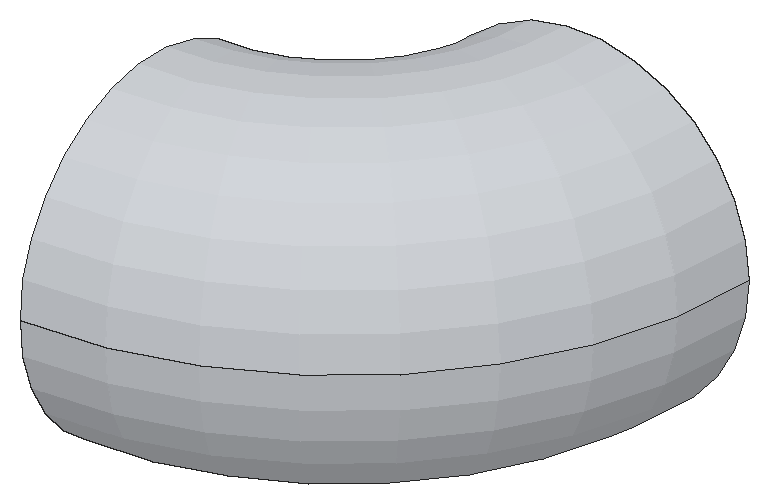
Revit family "94c86c23ec9b4db29425697b5875af03", category Pipe Fittings, Revit 2027
Family settings
  Round Connector Dimension = Use Radius
  Part Type = Elbow
  Seek Item ID = Elbow - Generic-0000-USA-ENU
  Work Plane-Based = No
  Always vertical = Yes
  Cut with Voids When Loaded = No
  Shared = No
Parameters (values of type "Standard")
  Tick Size [instance] = Fitting Outside Diameter * 0.4 * tan(Angle / 2)  # 0.45"
  Nominal Radius [instance] = 1/2"
  Nominal Diameter [instance] = Nominal Radius * 2  # 1"
  Loss Method = K Coefficient from Table
  Lookup Table Name = "Pipe Fitting - Generic"
  K Coefficient Table = "Regular 45, 90 and 180 Elbow"
  Fitting Outside Radius [instance] = Fitting Outside Diameter / 2  # 9/16"
  Fitting Outside Diameter [instance] = size_lookup(Lookup Table Name, "FOD", Nominal Diameter + 1/8", Nominal Diameter)  # 1 1/8"
  Default Elevation = 0' - 0"
  Center to End [instance] = Center Radius * tan(Angle / 2)  # 13/16"
  Center Radius [instance] = Fitting Outside Radius + 1/4"  # 13/16"
  Angle [instance] = 90.00°
Reference planes (in)
  plane 1 "Center (Front/Back)": y = 0
  plane 2: z = 0
  plane 3 "Center (Left/Right)": x = 0
  plane 4: x = -0.8125
  plane 5: y = 0.8125
  plane 6: y = 0.45
  plane 7: y = -0.45
Forms (in)
  Sweep 1, solid, detail levels fine
    path in 3D
      loop
        arc (-0.8125, 0, 0) -> (-0.23798, 0.23798, 0) -> (0, 0.8125, 0) r 0.8125
    profile origin (-0.23798, 0.23798, 0) x (-0.707107, 0.707107, 0) y (0, 0, 1)
      loop
        circle (0, 0) r 0.5625
Lines and regions (in)
  reference lines
    curve 1: line (0, 0, 0) -> (0, 0.68409, 0)
    curve 2: line (-0.8125, 0.8125, 0) -> (0.6875, 0.8125, 0)
    curve 3: line (-0.45, 0.17, 0) -> (-0.45, 0.92, 0)
    curve 4: line (0.45, 0.23956, 0) -> (0.45, 0.78038, 0)
    curve 5: arc (-0.8125, 0, 0) -> (-0.23798, 0.23798, 0) -> (0, 0.8125, 0) r 0.8125
  model lines, detail levels coarse+medium
    curve 6: line (-0.8125, 0.45, 0) -> (-0.8125, -0.45, 0)
    curve 7: arc (-0.8125, 0, 0) -> (-0.23798, 0.23798, 0) -> (0, 0.8125, 0) r 0.8125
    curve 8: line (-0.45, 0.8125, 0) -> (0.45, 0.8125, 0)
  sketch lines
    curve 9: arc (-0.8125, 0, 0) -> (-0.23798, 0.23798, 0) -> (0, 0.8125, 0) r 0.8125
Dimensions and locks (in)
  "Center to End": plane 4 to plane 3 "Center (Left/Right)"
  "Center Radius": plane 5 to plane 1 "Center (Front/Back)"
  "Tick Size": plane 6 to plane 1 "Center (Front/Back)"
  "Tick Size": plane 7 to plane 1 "Center (Front/Back)"
  equal spacing: curve 4, curve 1, curve 3
  "Tick Size": curve 1 to curve 3
  "Center Radius": radius of curve 5
  "Center Radius": radius of curve 7
  "Fitting Outside Radius": radius of Sweep 1 sketch curve
  "Angle": angle plane 1 "Center (Front/Back)" to curve 1
  "Angle": angle plane 4 to curve 2
  "Angle": angle plane 1 "Center (Front/Back)" to curve 3
  "Angle": angle plane 1 "Center (Front/Back)" to curve 4
  "Angle": angle curve 5 to curve 5
  "Angle": angle curve 7 to curve 7
  aligned and locked: plane 1 "Center (Front/Back)" to curve 1
  aligned and locked: plane 3 "Center (Left/Right)" to curve 1
  aligned and locked: plane 4 to curve 2
  aligned and locked: plane 5 to curve 2
  aligned and locked: plane 4 to curve 5  (x2)
  aligned and locked: plane 5 to curve 5
  aligned and locked: plane 6 to curve 6
  aligned and locked: plane 7 to curve 6
  aligned and locked: curve 6 to plane 4
  aligned and locked: plane 4 to curve 7  (x2)
  aligned and locked: plane 5 to curve 7
  aligned and locked: curve 3 to curve 8
  aligned and locked: curve 4 to curve 8
  aligned and locked: curve 2 to curve 8
Automatic sketch dimensions
  curve 1 to curve 4 = 0' - 0.09629"
  curve 1 to curve 3 = 0' - 0.17"
  Sweep 1 sketch curve to profile plane = 0' - 0"
  profile plane to Sweep 1 sketch curve = 0' - 0"
Connectors (in)
  piping at (-0.8125, 0, 0), diameter 1, driven by "Angle", driven by "Nominal Radius"
    settings: on Sweep 1, index 1, connector inside diameter 1", connector length 0' - 0", flow factor 0, pipe flow 0 GPM, pressure drop 0.00 psi, fitting loss kfactor 0, connector angle 90.00°, fixture units 0, engagement length 0' - 0", angle of deflection 0.00°, flow configuration 0, flow direction 0, fitting loss method 0, system type 28, joint type 0, gender type 0, connector reference index 2, connector utility 0, adjustable connector no, is connector primary yes, connector description ""
  piping at (0, 0.8125, 0), diameter 1, driven by "Angle", driven by "Nominal Radius"
    settings: on Sweep 1, index 2, connector inside diameter 1", connector length 0' - 0", flow factor 0, pipe flow 0 GPM, pressure drop 0.00 psi, fitting loss kfactor 0, connector angle 90.00°, fixture units 0, engagement length 0' - 0", angle of deflection 0.00°, flow configuration 0, flow direction 0, fitting loss method 0, system type 28, joint type 0, gender type 0, connector reference index 1, connector utility 0, adjustable connector no, is connector primary no, connector description ""
